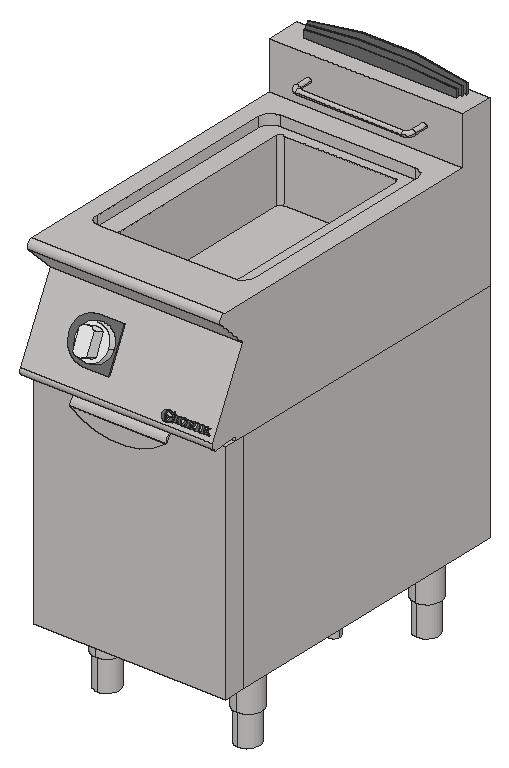
Revit family "QF_GIORIK_FG7113T", category Specialty Equipment, Revit 2014
Parameters (values of type "FG7113T")
  Weight in Pounds = 127.868
  Watts = 100 W
  Volts = 230 V
  URL Cutsheet = "www.giorik.com"
  URL = "www.giorik.com"
  Status [instance] = ""
  Specification by User [instance] = ""
  Specification by Manufacturer = ""
  Show Logo [instance] = yes
  Show Clearance [instance] = yes
  Serial Number = ""
  Seismic Rating = ""
  SMACNA No = ""
  Revision Code [instance] = ""
  Phase = 1
  Number of Poles [instance] = 1
  NAFEM Spec ID Number = ""
  Model = "FG7113T"
  Min Ckt Ampacity = 0 A
  Mechanical Remarks [instance] = "Natural Gas"
  Mechanical Connection Type [instance] = ""
  Max Overcurrent Protection = 0 A
  Masterspec = ""
  Manufacturer = "GIORIK"
  Item Number [instance] = ""
  Installed By [instance] = ""
  Identify Quantity as Lot [instance] = no
  HP = "0.134102000000"
  Gas Size = 1"
  Gas RI Height [instance] = 0 mm
  Gas KW = 11.5
  Gas Input = 11500 W
  Gas Connection Height [instance] = 150 mm
  Furnished By [instance] = ""
  Foodservice Equipment Identifier [instance] = yes
  FL Amps = 0 A
  Electrical Remarks [instance] = ""
  Electric Connection Type [instance] = ""
  Elec Conn RI Height [instance] = 0 mm
  Elec Conn Connection Height [instance] = 150 mm
  Description = "13 LITRE GAS FRYER."
  Cycle = 50 Hz
  Conn Plug = ""
  Conn Conduit [instance] = no
  CSI MasterFormat = ""
  Assembly Code = "E1090320"
  Apparent Power = 100 VA
Reference planes
  plane 1 "Back": y = 0
  plane 2: z = 0
  plane 3 "Left": x = 0
  plane 4 "Right": x = 400
  plane 5 "Front": y = -720
  plane 6 "Top": z = 900
Forms (mm)
  Extrusion 1, solid, visible <- "Show Logo"
    sketch origin (196.604, -736.761, 609.486) x (-1, 0, 0) y (0, 0.452718, 0.891654)
      loop
        line (-118.824, 58.358) -> (-127.804, 58.358) -> (-125.523, 56.445) -> (-125.523, 48.027) -> (-127.804, 46.113) -> (-118.824, 46.113) -> (-121.105, 48.027) -> (-121.105, 56.445) -> (-118.824, 58.358)
      loop
        line (-163.721, 58.358) -> (-172.7, 58.358) -> (-170.42, 56.445) -> (-170.42, 48.027) -> (-172.7, 46.113) -> (-163.721, 46.113) -> (-166.001, 48.027) -> (-166.001, 56.445) -> (-163.721, 58.358)
      loop
        line (-174.332, 58.358) -> (-183.312, 58.358) -> (-181.031, 56.445) -> (-181.031, 52.435) -> (-186.419, 56.955) -> (-184.416, 58.358) -> (-191.268, 58.358) -> (-188.01, 56.839) -> (-185.455, 54.283) -> (-190.846, 47.858) -> (-193.396, 46.93) -> (-193.396, 46.113) -> (-184.416, 46.113) -> (-185.437, 47.571) -> (-182.443, 51.552) -> (-181.031, 50.894) -> (-181.031, 48.027) -> (-183.312, 46.113) -> (-174.332, 46.113) -> (-176.613, 48.027) -> (-176.613, 56.445) -> (-174.332, 58.358)
      loop
        line (-115.429, 62.063) -> (-115.429, 54.198)
        arc (-115.429, 54.198) -> (-111.618, 57.803) -> (-106.847, 59.986) r 16.039
        arc (-106.847, 59.986) -> (-103.314, 59.837) -> (-100.512, 57.68) r 5.851
        arc (-100.512, 57.68) -> (-98.815, 52.267) -> (-100.512, 46.853) r 9.479
        arc (-100.512, 46.853) -> (-102.406, 44.986) -> (-104.846, 43.93) r 7.236
        arc (-104.846, 43.93) -> (-107.728, 44.111) -> (-110.052, 45.825) r 5.11
        line (-110.052, 45.825) -> (-110.052, 52.001) -> (-116.141, 52.001) -> (-116.141, 45.503) -> (-117.893, 43.751) -> (-114.094, 44.769)
        arc (-114.094, 44.769) -> (-112.56, 44.947) -> (-111.129, 44.366) r 3.115
        arc (-111.129, 44.366) -> (-104.216, 42.091) -> (-97.303, 44.366) r 11.641
        arc (-97.303, 44.366) -> (-93.396, 52.107) -> (-97.303, 59.849) r 9.622
        arc (-97.303, 59.849) -> (-104.369, 62.174) -> (-111.435, 59.849) r 11.898
        line (-111.435, 59.849) -> (-115.429, 62.063)
      loop
        arc (-129.234, 56.068) -> (-135.893, 58.628) -> (-142.552, 56.068) r 9.941
        arc (-142.552, 56.068) -> (-144.234, 52.286) -> (-142.552, 48.505) r 5.093
        arc (-142.552, 48.505) -> (-135.893, 45.945) -> (-129.234, 48.505) r 9.941
        arc (-129.234, 48.505) -> (-127.552, 52.286) -> (-129.234, 56.068) r 5.093
      loop
        arc (-132.628, 54.403) -> (-135.893, 57.668) -> (-139.158, 54.403) r 3.265
        line (-139.158, 54.403) -> (-139.158, 50.169)
        arc (-139.158, 50.169) -> (-135.893, 46.904) -> (-132.628, 50.169) r 3.265
        line (-132.628, 50.169) -> (-132.628, 54.403)
      loop
        arc (-156.363, 58.365) -> (-159.647, 55.081) -> (-156.363, 51.796) r 3.285
        line (-156.363, 51.796) -> (-159.529, 47.306) -> (-162.087, 46.113) -> (-155.847, 46.113) -> (-153.529, 51.083) -> (-150.637, 51.083) -> (-150.637, 47.784) -> (-153.022, 46.113) -> (-144.011, 46.113) -> (-146.094, 47.68) -> (-146.094, 56.493) -> (-144.229, 58.365) -> (-156.363, 58.365)
      loop
        line (-150.637, 57.512) -> (-153.637, 57.512)
        arc (-153.637, 57.512) -> (-156.237, 54.912) -> (-153.637, 52.312) r 2.6
        line (-153.637, 52.312) -> (-150.637, 52.312) -> (-150.637, 57.512)
      loop
        line (-108.924, 52.001) -> (-104.936, 49.005) -> (-100.948, 52.001) -> (-108.924, 52.001)
    from 1.5 to -0.5
  Extrusion 2, solid
    sketch origin (-16, 1025.81, 0) x (1, 0, 0) y (0, 1, 0)
      loop
        line (25, -1086.81) -> (25, -1156.81) -> (115, -1156.81) -> (115, -1086.81) -> (25, -1086.81)
    from 148 to 150
  Extrusion 3, solid
    sketch origin (-14, 0, 130) x (1, 0, 0) y (0, 1, 0)
      loop
        circle (54, -385) r 12.5
    from 0 to 20
  Extrusion 4, solid
    sketch origin (0, 1000, -20) x (0, 1, 0) y (0, 0, 1)
      loop
        line (-1000, 989.988) -> (-1070, 989.988) -> (-1070, 889.988) -> (-1688.806, 889.988)
        arc (-1688.806, 889.988) -> (-1699.151, 883.075) -> (-1696.724, 870.873) r 11.197
        line (-1696.724, 870.873) -> (-1640.876, 815.025) -> (-1718.948, 661.258)
        arc (-1718.948, 661.258) -> (-1718.233, 650.105) -> (-1708.118, 645.354) r 10.981
        line (-1708.118, 645.354) -> (-1660, 649.925) -> (-1660, 640) -> (-1000, 640) -> (-1000, 989.988)
    from 0 to 400
  Extrusion 5, solid
    sketch origin (0, 0, 599.536) x (1, 0, 0) y (0, 1, 0)
      loop
        line (0, -640) -> (40, -640) -> (40, -40) -> (360, -40) -> (360, -640) -> (400, -640) -> (400, 0) -> (0, 0) -> (0, -640)
    from -449.536 to 20.464
  Extrusion 6, solid
    sketch origin (0, 0, 0) x (1, 0, 0) y (0, 1, 0)
      loop
        line (40, -40) -> (40, -640) -> (360, -640) -> (360, -40) -> (40, -40)
    from 150 to 190
  Extrusion 7, solid
    sketch origin (-16, 560.81, 0) x (1, 0, 0) y (0, 1, 0)
      loop
        line (25, -1086.81) -> (25, -1156.81) -> (115, -1156.81) -> (115, -1086.81) -> (25, -1086.81)
    from 148 to 150
  Revolve 8, solid
    sketch origin (54, 560.81, 0) x (0, 1, 0) y (0, 0, 1)
      loop
        line (-1092.56, 66) -> (-1092.56, 148) -> (-1121.81, 148) -> (-1121.81, 0) -> (-1096.81, 0) -> (-1096.81, 66) -> (-1092.56, 66)
      axis (-1121.81, 0) -> (-1121.81, 148)
    angle from 0 to 360
  Revolve 9, solid
    sketch origin (54, 1025.81, 0) x (0, 1, 0) y (0, 0, 1)
      loop
        line (-1092.56, 66) -> (-1092.56, 148) -> (-1121.81, 148) -> (-1121.81, 0) -> (-1096.81, 0) -> (-1096.81, 66) -> (-1092.56, 66)
      axis (-1121.81, 0) -> (-1121.81, 148)
    angle from 0 to 360
  Extrusion 10, solid
    sketch origin (416, 560.81, 0) x (-1, 0, 0) y (0, -1, 0)
      loop
        line (25, 1086.81) -> (115, 1086.81) -> (115, 1156.81) -> (25, 1156.81) -> (25, 1086.81)
    from 148 to 150
  Revolve 11, solid
    sketch origin (346, 560.81, 0) x (0, 1, 0) y (0, 0, -1)
      loop
        line (-1092.56, -66) -> (-1096.81, -66) -> (-1096.81, 0) -> (-1121.81, 0) -> (-1121.81, -148) -> (-1092.56, -148) -> (-1092.56, -66)
      axis (-1121.81, 0) -> (-1121.81, -148)
    angle from 0 to 360
  Extrusion 12, solid
    sketch origin (416, -1217.81, 0) x (-1, 0, 0) y (0, -1, 0)
      loop
        line (25, -1086.81) -> (25, -1156.81) -> (115, -1156.81) -> (115, -1086.81) -> (25, -1086.81)
    from 148 to 150
  Revolve 13, solid
    sketch origin (346, -1217.81, 0) x (0, -1, 0) y (0, 0, 1)
      loop
        line (-1092.56, 66) -> (-1092.56, 148) -> (-1121.81, 148) -> (-1121.81, 0) -> (-1096.81, 0) -> (-1096.81, 66) -> (-1092.56, 66)
      axis (-1121.81, 0) -> (-1121.81, 148)
    angle from 0 to 360
  Extrusion 14, solid
    sketch origin (-293.221, -963.345, 52.363) x (1, 0, 0) y (0, 0.452718, 0.891654)
      loop
        line (463.221, 676.25) -> (463.221, 766.25) -> (409.698, 766.25)
        arc (409.698, 766.25) -> (364.698, 721.25) -> (409.698, 676.25) r 45
        line (409.698, 676.25) -> (463.221, 676.25)
    from 48 to 50
  Extrusion 15, solid
    sketch origin (481.331, -1008.697, 74.959) x (-1, 0, 0) y (0, -0.45351, -0.891251)
      loop
        circle (351.331, -721.346) r 35
    from 0 to 15
  Extrusion 16, solid
    sketch origin (481.331, -1008.697, 74.959) x (-1, 0, 0) y (0, -0.45351, -0.891251)
      loop
        arc (336.331, -743.846) -> (351.331, -748.846) -> (366.331, -743.846) r 25
        line (366.331, -743.846) -> (366.331, -698.846)
        arc (366.331, -698.846) -> (351.331, -693.846) -> (336.331, -698.846) r 25
        line (336.331, -698.846) -> (336.331, -743.846)
    from 15 to 40
  Extrusion 17, solid
    sketch origin (-94, 0, 59.999) x (1, 0, 0) y (0, 0, 1)
      loop
        line (135, 909.989) -> (453, 909.989) -> (453, 925.527) -> (347.056, 931.749) -> (240.944, 931.749) -> (135, 925.527) -> (135, 909.989)
    from 32 to 35
  Extrusion 18, solid
    sketch origin (-92, 10, 59.999) x (1, 0, 0) y (0, 0, 1)
      loop
        line (454, 909.989) -> (454, 928.527) -> (346.162, 939.193) -> (237.838, 939.193) -> (130, 928.527) -> (130, 909.989) -> (454, 909.989)
    from 32 to 35
  Extrusion 19, solid
    sketch origin (-90, 20, 59.999) x (1, 0, 0) y (0, 0, 1)
      loop
        line (455, 909.989) -> (455, 930.527) -> (345.396, 947.413) -> (234.604, 947.413) -> (125, 930.527) -> (125, 909.989) -> (455, 909.989)
    from 32 to 35
  Extrusion 20, void
    sketch origin (0, 0, 819.988) x (0, 1, 0) y (-1, 0, 0)
      loop
        arc (-120, -60) -> (-127.322, -42.322) -> (-145, -35) r 25
        line (-145, -35) -> (-565.002, -35)
        arc (-565.002, -35) -> (-582.68, -42.322) -> (-590.002, -60) r 25
        line (-590.002, -60) -> (-590.002, -340)
        arc (-590.002, -340) -> (-582.68, -357.678) -> (-565.002, -365) r 25
        line (-565.002, -365) -> (-145, -365)
        arc (-145, -365) -> (-127.322, -357.678) -> (-120, -340) r 25
        line (-120, -340) -> (-120, -60)
    from -100 to 50
  Extrusion 21, solid
    sketch origin (0, 0, 900) x (0, 1, 0) y (-1, 0, 0)
      loop
        arc (-120, -60) -> (-127.322, -42.322) -> (-145, -35) r 25
        line (-145, -35) -> (-565.002, -35)
        arc (-565.002, -35) -> (-582.68, -42.322) -> (-590.002, -60) r 25
        line (-590.002, -60) -> (-590.002, -340)
        arc (-590.002, -340) -> (-582.68, -357.678) -> (-565.002, -365) r 25
        line (-565.002, -365) -> (-145, -365)
        arc (-145, -365) -> (-127.322, -357.678) -> (-120, -340) r 25
        line (-120, -340) -> (-120, -60)
      loop
        arc (-140, -85.011) -> (-142.929, -77.94) -> (-150, -75.011) r 10
        line (-150, -75.011) -> (-555.002, -75.011)
        arc (-555.002, -75.011) -> (-562.073, -77.94) -> (-565.002, -85.011) r 10
        line (-565.002, -85.011) -> (-565.002, -315)
        arc (-565.002, -315) -> (-562.073, -322.071) -> (-555.002, -325) r 10
        line (-555.002, -325) -> (-150, -325)
        arc (-150, -325) -> (-142.929, -322.071) -> (-140, -315) r 10
        line (-140, -315) -> (-140, -85.011)
    from -180.012 to -50
  Extrusion 22, solid
    sketch origin (0, -725, 0) x (1, 0, 0) y (0, 0, 1)
      loop
        line (0, 620) -> (0, 150) -> (400, 150) -> (400, 620) -> (0, 620)
    from -85 to -40
  Extrusion 23, solid
    sketch origin (2.5, -725, -20.1) x (0, 1, 0) y (0, 0, 1)
      loop
        arc (25, 640.1) -> (14.393, 635.707) -> (10, 625.1) r 15
        line (10, 625.1) -> (12, 625.1)
        arc (12, 625.1) -> (15.808, 634.292) -> (25, 638.1) r 13
        line (25, 638.1) -> (40, 638.1) -> (40, 640.1) -> (25, 640.1)
    from 97.5 to 297.5
  Extrusion 24, solid
    sketch origin (2.5, -724.905, -20.1) x (1, 0, 0) y (0, 0, 1)
      loop
        arc (97.5, 625.1) -> (197.5, 590.089) -> (297.5, 625.1) r 160.316
        line (297.5, 625.1) -> (97.5, 625.1)
    from -11.905 to -9.905
  Extrusion 25, solid, visible <- "Show Clearance", detail levels coarse
    sketch origin (395, -725, 0) x (-1, 0, 0) y (0, -1, 0)
      loop
        line (-5, -40) -> (395, -40)
        arc (395, -40) -> (277.534, 241.069) -> (-5, 354.968) r 395
        line (-5, 354.968) -> (-5, -40)
    from 150 to 620
  Extrusion 26, solid
    sketch origin (0, 0, 100) x (0, 1, 0) y (-1, 0, 0)
      loop
        circle (-380, -380) r 12.5
    from 30 to 50
  Sweep 27, solid
    path origin (0, 0, 919.988) x (0, 1, 0) y (-1, 0, 0)
      loop
        line (-70, -80) -> (-100, -80)
        arc (-100, -80) -> (-107.071, -82.929) -> (-110, -90) r 10
        line (-110, -90) -> (-110, -310)
        arc (-110, -310) -> (-107.071, -317.071) -> (-100, -320) r 10
        line (-100, -320) -> (-70, -320)
    profile origin (80, -85, 919.988) x (1, 0, 0) y (0, 0, 1)
      loop
        circle (0, 0) r 5
Cuts and joins
  Extrusion 20 cuts Extrusion 4
Lines and regions (mm)
  symbolic lines, style "200-EquipBorder-2D"
    curve 1: line (0, -720, 0) -> (400, -720, 0)
    curve 2: line (400, -720, 0) -> (400, 0, 0)
    curve 3: line (400, 0, 0) -> (0, 0, 0)
    curve 4: line (0, 0, 0) -> (0, -720, 0)
  symbolic lines, style "200-EquipInternal-2D"
    curve 5: line (35, -12, 900) -> (365, -12, 900)
    curve 6: line (365, -12, 900) -> (365, -15, 900)
    curve 7: line (365, -15, 900) -> (35, -15, 900)
    curve 8: line (35, -15, 900) -> (35, -12, 900)
    curve 9: line (38, -22, 900) -> (362, -22, 900)
    curve 10: line (362, -22, 900) -> (362, -25, 900)
    curve 11: line (362, -25, 900) -> (38, -25, 900)
    curve 12: line (38, -25, 900) -> (38, -22, 900)
    curve 13: line (41, -32, 900) -> (359, -32, 900)
    curve 14: line (359, -32, 900) -> (359, -35, 900)
    curve 15: line (359, -35, 900) -> (41, -35, 900)
    curve 16: line (41, -35, 900) -> (41, -32, 900)
    curve 17: line (340, -120, 900) -> (60, -120, 900)
    curve 18: arc (60, -120, 900) -> (42.322, -127.322, 900) -> (35, -145, 900) r 25
    curve 19: line (35, -145, 900) -> (35, -565, 900)
    curve 20: arc (365, -145, 900) -> (357.678, -127.322, 900) -> (340, -120, 900) r 25
    curve 21: arc (340, -590, 900) -> (356.212, -584.031, 900) -> (364.682, -568.975, 900) r 25
    curve 22: line (60, -590, 900) -> (340, -590, 900)
    curve 23: arc (35, -565, 900) -> (42.322, -582.678, 900) -> (60, -590, 900) r 25
    curve 24: line (365, -565.002, 900) -> (365, -145, 900)
    curve 27: line (85, -140, 900) -> (315, -140, 900)
    curve 28: line (325, -150, 900) -> (325, -555.002, 900)
    curve 29: line (75, -555.002, 900) -> (75, -150, 900)
    curve 30: line (315, -565.002, 900) -> (85, -565.002, 900)
    curve 31: arc (85, -140, 900) -> (77.929, -142.929, 900) -> (75, -150, 900) r 10
    curve 32: arc (315, -140, 900) -> (322.071, -142.929, 900) -> (325, -150, 900) r 10
    curve 33: arc (75, -555.002, 900) -> (77.929, -562.073, 900) -> (85, -565.002, 900) r 10
    curve 34: arc (315, -565.002, 900) -> (322.071, -562.073, 900) -> (325, -555.002, 900) r 10
    curve 35: line (75, -70, 900) -> (75, -99.667, 900)
    curve 36: line (85, -100, 900) -> (85, -70, 900)
    curve 37: line (89.989, -104.989, 900) -> (310.238, -104.989, 900)
    curve 38: line (315, -100.227, 900) -> (315, -70, 900)
    curve 39: line (325, -70, 900) -> (325, -100.301, 900)
    curve 40: line (310.301, -115, 900) -> (90.333, -115, 900)
    curve 41: arc (90.333, -115, 900) -> (79.491, -110.509, 900) -> (75, -99.667, 900) r 15.333
    curve 42: arc (85, -100, 900) -> (86.461, -103.528, 900) -> (89.989, -104.989, 900) r 4.989
    curve 43: arc (310.301, -115, 900) -> (320.695, -110.695, 900) -> (325, -100.301, 900) r 14.699
    curve 44: arc (315, -100.227, 900) -> (313.605, -103.594, 900) -> (310.238, -104.989, 900) r 4.762
    curve 45: line (85, -70, 900) -> (315, -70, 900)
    curve 46: line (0, -70, 900) -> (75, -70, 900)
    curve 47: line (325, -70, 900) -> (400, -70, 900)
  symbolic lines, style "QF_Door-Drawer Clearances", visible <- "Show Clearance", detail levels coarse
    curve 25: arc (400, -1079.968, 0) -> (130.204, -978.101, 0) -> (1.554, -720, 0) r 395
    curve 26: line (400, -720, 0) -> (400, -1079.968, 0)
Dimensions and locks
  plane 3 "Left" to plane 4 "Right" = 400 mm
  plane 5 "Front" to plane 1 "Back" = 720 mm
  plane 4 "Right" to plane 3 "Left" = 400 mm
  plane 1 "Back" to plane 5 "Front" = 720 mm
  plane 6 "Top" to level = 900 mm  (x2)
  aligned and locked: level to plane 2
Connectors
  electrical at (380, -380, 130), driven by "Apparent Power", driven by "Volts", driven by "Number of Poles"
    settings: on Extrusion 26, index 1, voltage 230 V, apparent load 0 VA, apparent load phase1 100 VA, apparent load phase2 0 VA, apparent load phase3 0 VA, power factor 1, load classification "Other", number of poles 1, system type 31, power factor state 1, is connector primary yes, connector utility no, sub classification motor no, connector description "Electrical connection"
  piping at (40, -385, 130), diameter 25.4, driven by "Gas Size"
    settings: on Extrusion 3, index 2, connector inside diameter 24", connector length 0 mm, flow factor 0, pipe flow 0.0 L/s, pressure drop 0.0 Pa, fitting loss kfactor 0, connector angle 0.00°, fixture units 0, engagement length 0 mm, angle of deflection 0.00°, flow configuration 1, flow direction 1, fitting loss method 0, system type 22, joint type 0, gender type 0, connector reference index -1, connector utility 0, adjustable connector no, is connector primary yes, connector description "Gas inlet"
